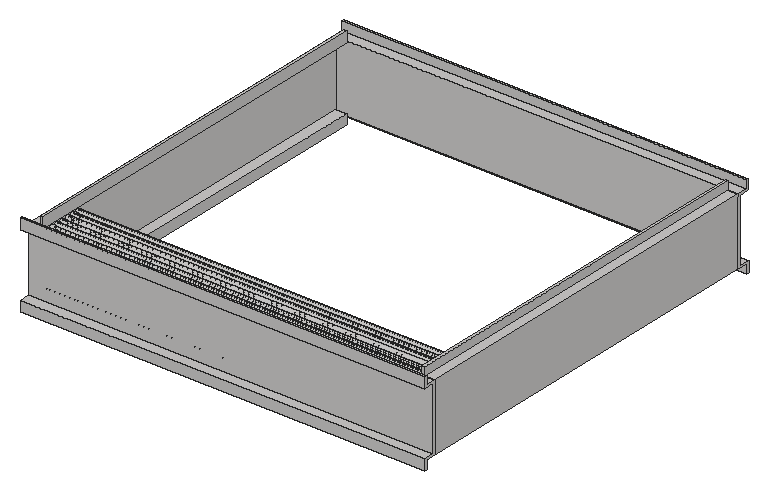
Revit family "Damper_Volume_Control-Carnes-Galvanized-Airfoil_Blade-FACA", category Duct Accessories, host Face, Revit 2012
Parameters (values of type "FACA")
  ecoScorecard_data = ""
  ecoScorecard Product Page = "http://ecoscorecard.com/"
  Width = 24"
  Warranty URL = "http://www.carnes.com/GeneralCatalogs/termcond.pdf"
  URL = "http://www.carnes.com/index.html"
  Subcategory = "Louvers and Dampers"  # constant formula
  Spec Sheet URL = "http://www.carnes.com/Louvers/pdf/17157.pdf"
  Product Page URL = "http://www.carnes.com/Louvers/FD.htm"
  Product Line = "Galvanized Airfoil Blade Control Damper with Optional Insulated Blade"  # constant formula
  Offset = 3"
  Model = "FACA"  # constant formula
  Minimum Size = "8\"W x 6\"H"
  Maximum Vertical Size = "48\"W x 60\"H (Single Section), Multi-section unlimited"
  Maximum System Velocity = 2000 FPM  # constant formula
  Maximum Size Note = ""
  Maximum Horinzontal Size = "48\"W x 60\"H (Single Section, Multi-section unlimited"
  Manufacturer Phone = "608-845-6411"  # constant formula
  Manufacturer Fax = "608-845-6470"  # constant formula
  Manufacturer Email = "mailto:carnes@carnes.com"
  Manufacturer Address = "448 S. Main St., P. O. Box 930040, Verona, WI 53593-0040"  # constant formula
  Manufacturer = "CARNES COMPANY"  # constant formula
  Installation and Maintenance URL = "http://www.carnes.com/FireDampers/pdf/40001.pdf"
  Height = 24"
  Free Area Note = "See Spec Sheet URL"  # constant formula
  Frame Material = Metal - Carnes - Steel - Galvanized
  Fire Closure Device = ""
  Duct Connector 2 = "Duct Connection 2"  # constant formula
  Duct Connector 1 = "Duct Connection 1"  # constant formula
  Description = "Galvanized Airfoil Blade Control Damper with Optional Insulated Blade"  # constant formula
  Depth = 5"
  Default Elevation = 0"
  Cost Info = "mailto:carnes@carnes.com"
  Catalog URL = "http://www.carnes.com/Louvers/pdf/f85-97.pdf"
  Blades Length = Actual Width - 1 1/2"  # 22 1/2"
  Blade Material = Metal - Carnes - Steel - Galvanized
  Assembly Code = "B2010300"
  Actual Width = if(Width < 6", 6", if(Width > 72", 72", Width))  # 24"
  Actual Height = if(Height < 6", 6", if(Height > 72", 72", Height))  # 24"
  95 CSI = "10200"  # constant formula
  04 CSI = "08 91 00"  # constant formula
Reference planes (in)
  plane 1 "Center (Front/Back)": y = 0
  plane 2: z = 0
  plane 3 "Center (Left/Right)": x = 0
  plane 4: x = -12
  plane 5: x = 12
  plane 6: y = 12
  plane 7: y = -12
  plane 8: y = -10.9375
  plane 9: x = -11.20993
  plane 10: x = 11.20993
  plane 11: z = -1.5
  plane 12: y = -11.47734
  plane 13: x = 10.20993
  plane 14: z = -5.375
  plane 15: z = -3
  plane 16: y = -9.48917
  plane 17: z = -1.90625
  plane 18: z = 1.5
  plane 19: z = -4.09375
  plane 20: z = -7.5
Forms (in)
  Extrusion 1, void
    sketch origin (0, 0, 0) x (1, 0, 0) y (0, 1, 0)
      loop
        line (12, -12) -> (12, 12) -> (-12, 12) -> (-12, -12) -> (12, -12)
    from 0 to -32.56442
  Sweep 2, solid, material "Metal - Carnes - Steel - Galvanized" <- "Frame Material", detail levels medium+fine
    path origin (0, -21.84066, -3) x (-1, 0, 0) y (0, -1, 0)
      loop
        line (-12, -33.09066) -> (-12, -10.59066)
    profile "Profile : Profile" origin (12, 0, -3) x (1, 0, 0) y (0, 0, 1)
      loop
        line (-0.625, 2.5) -> (-0.75, 2.5) -> (-0.75, 1.875) -> (-0.125, 1.875) -> (-0.125, -1.875) -> (-0.75, -1.875) -> (-0.75, -2.5) -> (-0.625, -2.5) -> (-0.625, -2) -> (0, -2) -> (0, 2) -> (-0.625, 2) -> (-0.625, 2.5)
  Sweep 3, solid, material "Metal - Carnes - Steel - Galvanized" <- "Frame Material", detail levels coarse
    path origin (0, -21.84066, -3) x (-1, 0, 0) y (0, -1, 0)
      loop
        line (0, -9.84066) -> (0, -33.84066)
    profile origin (0, 0, -3) x (-1, 0, 0) y (0, 0, 1)
      loop
        line (-12, 2.5) -> (-12, -2.5) -> (12, -2.5) -> (12, 2.5) -> (-12, 2.5)
  Sweep 4, solid, material "Metal - Carnes - Steel - Galvanized" <- "Frame Material", detail levels medium+fine
    path origin (0, -21.84066, -3) x (-1, 0, 0) y (0, -1, 0)
      loop
        line (12, -33.09066) -> (12, -10.59066)
    profile "Profile : Profile" origin (-12, 0, -3) x (1, 0, 0) y (0, 0, 1)
      loop
        line (0.625, 2.5) -> (0.625, 2) -> (0, 2) -> (0, -2) -> (0.625, -2) -> (0.625, -2.5) -> (0.75, -2.5) -> (0.75, -1.875) -> (0.125, -1.875) -> (0.125, 1.875) -> (0.75, 1.875) -> (0.75, 2.5) -> (0.625, 2.5)
  Sweep 5, solid, material "Metal - Carnes - Steel - Galvanized" <- "Frame Material", detail levels medium+fine
    path origin (0, -21.84066, -3) x (-1, 0, 0) y (0, -1, 0)
      loop
        line (12, -9.84066) -> (-12, -9.84066)
    profile "Profile : Profile" origin (0, -12, -3) x (0, 1, 0) y (0, 0, 1)
      loop
        line (0.125, 2.5) -> (0, 2.5) -> (0, 1.875) -> (0.625, 1.875) -> (0.625, -1.875) -> (0, -1.875) -> (0, -2.5) -> (0.125, -2.5) -> (0.125, -2) -> (0.75, -2) -> (0.75, 2) -> (0.125, 2) -> (0.125, 2.5)
  Sweep 6, solid, material "Metal - Carnes - Steel - Galvanized" <- "Frame Material", detail levels medium+fine
    path origin (0, 20.34066, -3) x (1, 0, 0) y (0, 1, 0)
      loop
        line (-12, -8.34066) -> (12, -8.34066)
    profile "Profile : Profile" origin (0, 12, -3) x (0, 1, 0) y (0, 0, 1)
      loop
        line (-0.125, 2.5) -> (-0.125, 2) -> (-0.75, 2) -> (-0.75, -2) -> (-0.125, -2) -> (-0.125, -2.5) -> (0, -2.5) -> (0, -1.875) -> (-0.625, -1.875) -> (-0.625, 1.875) -> (0, 1.875) -> (0, 2.5) -> (-0.125, 2.5)
Lines and regions (in)
  symbolic lines, style "Damper"
    curve 1: line (12, 12, -3) -> (12, -12, -3)
    curve 2: line (-12, 12, -3) -> (12, 12, -3)
    curve 3: line (-12, -12, -3) -> (-12, 12, -3)
    curve 4: line (12, -12, -3) -> (-12, -12, -3)
  symbolic lines, style "Damper", detail levels medium+fine
    curve 5: line (11.25, 11, -3) -> (-11.25, 11, -3)
    curve 6: line (-11.25, 11, -3) -> (-11.25, -11.25, -3)
    curve 7: line (-12, -11.25, -3) -> (12, -11.25, -3)
    curve 8: line (11.25, -11.25, -3) -> (11.25, 11, -3)
Dimensions and locks (in)
  equal spacing: plane 7, plane 1 "Center (Front/Back)", plane 6
  equal spacing: plane 4, plane 3 "Center (Left/Right)", plane 5
  "Actual Width": plane 4 to plane 5
  "Actual Height": plane 6 to plane 7
  locked: plane 7 to plane 8 at 1.0625
  locked: plane 4 to plane 9 at 0.79007
  locked: plane 10 to plane 5 at 0.79007
  locked: plane 12 to plane 7 at 0.52266
  locked: plane 13 to plane 10 at 1
  locked: plane 14 to plane 15 at 2.375
  locked: plane 16 to plane 8 at 1.44833
  "Offset": level to plane 15
  locked: plane 17 to plane 18 at 3.40625
  locked: plane 15 to plane 17 at 1.09375
  locked: plane 15 to plane 19 at 1.09375
  locked: plane 19 to plane 20 at 3.40625
  equal spacing: Sweep 3 sketch curve, plane 3 "Center (Left/Right)", Sweep 3 sketch curve
  "Actual Width": Sweep 3 sketch curve to Sweep 3 sketch curve
  aligned and locked: plane 2 to host face
  aligned and locked: level to host face
  aligned and locked: plane 5 to Extrusion 1 sketch curve
  aligned and locked: plane 7 to Extrusion 1 sketch curve
  aligned and locked: Extrusion 1 sketch curve to plane 4
  aligned and locked: Extrusion 1 sketch curve to plane 6
  aligned and locked: Extrusion 1 to level
  aligned: nested 2 to plane 12
  aligned: nested 2 to plane 15  (x3)
  aligned: nested 1 to plane 15  (x3)
  aligned: plane 12 to nested 1
  aligned and locked: plane 6 to Sweep 3 sketch curve
  aligned and locked: plane 7 to Sweep 3 sketch curve
  aligned and locked: plane 3 "Center (Left/Right)" to Sweep 3 sketch curve
  aligned and locked: curve 1 to Sweep 2
  aligned: curve 8 to Sweep 2
  aligned: nested 1 to Sweep 2
  aligned: nested 2 to nested 1  (x2)
  aligned and locked: plane 4 to Sweep 4 sketch curve
  aligned and locked: Sweep 5 sketch curve to plane 7
  aligned and locked: plane 4 to Sweep 5 sketch curve
  aligned and locked: plane 5 to Sweep 5 sketch curve
  aligned and locked: Sweep 5 to Sweep 4 sketch curve
  aligned and locked: nested 1 to Sweep 5
  aligned and locked: Sweep 2 sketch curve to Sweep 5
  aligned and locked: Sweep 6 sketch curve to plane 6
  aligned and locked: plane 5 to Sweep 6 sketch curve
  aligned and locked: plane 4 to Sweep 6 sketch curve
  aligned and locked: Sweep 6 to Sweep 2 sketch curve
  aligned and locked: Sweep 4 sketch curve to Sweep 6
  aligned and locked: curve 6 to Sweep 4
  aligned and locked: curve 7 to Sweep 5
  aligned and locked: curve 8 to Sweep 2
  aligned and locked: nested 2 to Sweep 4
  aligned and locked: nested 1 to Sweep 4
  aligned and locked: Sweep 3 sketch curve to Sweep 5  (x2)
  aligned and locked: nested 1 to plane 15
  aligned and locked: nested 2 to plane 15
  aligned and locked: nested 2 to Sweep 5
  aligned and locked: nested 3 to nested 2
  aligned: nested 5 to nested 3
  aligned and locked: nested 4 to plane 15
  aligned and locked: nested 8 to plane 15
  aligned and locked: nested 7 to plane 15
  aligned and locked: nested 6 to plane 15
  aligned and locked: nested 5 to plane 15
  aligned and locked: nested 3 to plane 15
  aligned and locked: nested 4 to nested 3
  aligned and locked: nested 5 to nested 4
  aligned and locked: nested 8 to nested 5
  aligned and locked: nested 7 to nested 8
  aligned and locked: nested 6 to nested 7
Automatic sketch dimensions
  host sketch curve to host sketch curve = 96"  (x2)
  Sweep 2 sketch curve to plane 5 = 0"
  curve 3 to plane 4 = 0"
  curve 3 to plane 6 = 0"
  plane 7 to curve 1 = 0"
  curve 6 to plane 6 = 1"
Nested families (in)
  nested 1: "Blade" at (0, -11.25, -4.90552), type "Blades", detail levels fine
  nested 2: "Blade" at (0, -11.25, -4.90552), type "Blades", detail levels fine
  nested 3: "Blade" at (0, -10.85234, -4.90552), type "Blades", detail levels fine
  nested 4: "Blade" at (0, -10.45467, -4.90552), type "Blades", detail levels fine
  nested 5: "Blade" at (0, -10.05701, -4.90552), type "Blades", detail levels fine
  nested 6: "Blade" at (0, -8.86402, -4.90552), type "Blades", detail levels fine
  nested 7: "Blade" at (0, -9.26169, -4.90552), type "Blades", detail levels fine
  nested 8: "Blade" at (0, -9.65935, -4.90552), type "Blades", detail levels fine
Connectors (in)
  hvac at (0, 0, -0.5), driven by "Actual Height", driven by "Actual Width", driven by "Duct Connector 1"
    settings: on Sweep 3, index 1, duct flow 0 CFM, flow factor 0, pres drop 0.00 in-wg, loss coef 0, conn angle 0.00°, conn width 24", conn height 24", conn radius 12", duct sys type 1, conn prof type 1, flow config 0, flow direction 0, loss method 0, conn ref index 2, conn util no, is conn primary yes, conn desc "Duct Connection 1"
  hvac at (0, 0, -5.5), driven by "Actual Height", driven by "Actual Width", driven by "Duct Connector 2"
    settings: on Sweep 3, index 2, duct flow 0 CFM, flow factor 0, pres drop 0.00 in-wg, loss coef 0, conn angle 0.00°, conn width 24", conn height 24", conn radius 12", duct sys type 1, conn prof type 1, flow config 0, flow direction 0, loss method 0, conn ref index 1, conn util no, is conn primary no, conn desc "Duct Connection 2"
Definition of nested family "Blade"
  Parameters (values of type "Blades")
    Width = 22 1/2"
    Unit = Metal - Carnes - Steel - Galvanized
    Assembly Code = ""
  Reference planes (in)
    plane 1 "Center (Front/Back)": y = 0
    plane 2: z = 0
    plane 3 "Center (Left/Right)": x = 0
    plane 4: x = -11.25
    plane 5: x = 11.25
    plane 6: z = 3.75
    plane 7: z = 0.12354
    plane 8: y = 0.39766
    plane 9: z = 3.6875
    plane 10: z = 1.90552
  Forms (in)
    Extrusion 1, solid, material "Metal - Carnes - Steel - Galvanized" <- "Unit"
      sketch origin (0, 0, 0.35938) x (0, 1, 0) y (0, 0, 1)
        loop
          arc (0.23008, 2.93293) -> (0.19883, 3.32812) -> (0.16758, 2.93293) r 0.19883
          line (0.16758, 2.93293) -> (0.16758, 0.15936)
          arc (0.16758, 0.15936) -> (0.19883, -0.23583) -> (0.23008, 0.15936) r 0.19883
          line (0.23008, 0.15936) -> (0.23008, 2.93293)
        loop
          circle (0.19883, -0.037) r 0.13633
        loop
          circle (0.19883, 3.12929) r 0.13633
      from -11.25 to 11.25
  Lines and regions (in)
    symbolic lines, style "Damper"
      curve 1: line (-11.25, 0.39763, 0) -> (11.25, 0.39763, 0)
      curve 2: line (11.25, 0, 0) -> (-11.25, 0, 0)
      curve 3: line (-11.25, 0, 0) -> (-11.25, 0.39763, 0)
      curve 4: line (11.25, 0, 0) -> (11.25, 0.39763, 0)
  Dimensions and locks (in)
    equal spacing: plane 4, plane 3 "Center (Left/Right)", plane 5
    "Width": plane 4 to plane 5
    plane 6 to level = 3 3/4"  (x2)
    locked: plane 6 to plane 9 at 0.0625
    aligned and locked: level to plane 2
    aligned and locked: plane 4 to Extrusion 1
    aligned and locked: plane 5 to Extrusion 1
    aligned and locked: curve 2 to plane 1 "Center (Front/Back)"
    aligned and locked: curve 3 to plane 4
    aligned and locked: plane 5 to curve 4
  Automatic sketch dimensions
    plane 8 to curve 3 = 0.00003"
    Extrusion 1 sketch curve to Extrusion 1 sketch curve = 0"  (x5)
    Extrusion 1 sketch curve to plane 1 "Center (Front/Back)" = 0.16758"
    Extrusion 1 sketch curve to Extrusion 1 sketch curve = 1/32"
    Extrusion 1 sketch curve to plane 1 "Center (Front/Back)" = 0.19883"
    Extrusion 1 sketch curve to plane 7 = 0.19883"
    Extrusion 1 sketch curve to Extrusion 1 sketch curve = 0.19636"  (x2)
    Extrusion 1 sketch curve to plane 9 = 0.39519"
    radius of Extrusion 1 sketch curve = 0.13633"  (x2)
